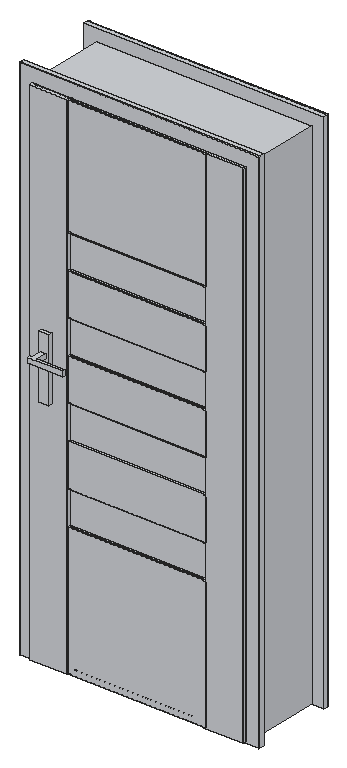
Revit family "porta_koncept_H0_osc_ps", category Drzwi, Revit 2016
Family settings
  Obiekt nadrzędny = Ściana
  Zawsze pionowo = Tak
  Tnij formami wycięć po wczytaniu = Nie
  Współdzielony = Nie
  Punkt obliczania pomieszczeń = Nie
Parameters (values of type "PN 80")
  Zakres szerokości muru [instance] = if(and(Grubość ściany > 94 mm, Grubość ściany < 120 mm), "B", (if(and(Grubość ściany > 119 mm, Grubość ściany < 140 mm), "C", (if(and(Grubość ściany > 139 mm, Grubość ściany < 160 mm), "D", (if(and(Grubość ściany > 159 mm, Grubość ściany < 180 mm), "E", (if(and(Grubość ściany > 179 mm, Grubość ściany < 200 mm), "F", (if(and(Grubość ściany > 199 mm, Grubość ściany < 220 mm), "G", (if(and(Grubość ściany > 219 mm, Grubość ściany < 240 mm), "H", (if(and(Grubość ściany > 239 mm, Grubość ściany < 260 mm), "I", (if(and(Grubość ściany > 259 mm, Grubość ściany < 280 mm), "J", (if(and(Grubość ściany > 279 mm, Grubość ściany < 301 mm), "K", "BRAK")))))))))))))))))))  # "K"
  Wysokość brutto = 2060 mm
  Szerokość brutto = 880 mm
  Model = "Koncept H0"
  Konstrukcja analityczna = "<Brak>"
  Grubość ściany [instance] = 300 mm
  Funkcja = Wewnętrzna
  URL = "www.porta.com.pl"
  Ss = 844 mm
  Sb = 846 mm
  Producent = "PORTA KMI POLAND"
  Keynote = ""
  Description = ""
  Wysokość = 2016 mm
  Zakończenie ściany = Wg obiektu nadrzędnego
  Szerokość = 800 mm
  Materiał_skrzydło [instance] = none
  Materiał_ościeżnica [instance] = none
  Materiał_klamka [instance] = none
  Informacja = "Własność Porta KMI Poland, wszelkie prawa zastrzeżone."  # constant formula
  Hs = 2030 mm
Types (6, lengths in mm): name | Szerokość brutto | Ss | Sb | Description | Szerokość
  PN 70 | 780 | 744 | 746 | "Biblioteki CAD produktów firmy PORTA KMI POLAND wraz z ich wizualizacjami są chronione prawami własności przemysłowej i intelektualnej. Można je wykorzystywać do handlowych celów osobistych poprzez zastosowanie w projektach, jednak nie wolno ich powielać, modyfikować, licencjonować ani publikować, w całości ani w części, chyba że celem przeglądania, bez uprzedniej pisemnej zgody PORTA KMI Poland. www.porta.com.pl" | 700
  PN 60 | 680 | 644 | 646 | "Biblioteki CAD produktów firmy PORTA KMI POLAND wraz z ich wizualizacjami są chronione prawami własności przemysłowej i intelektualnej. Można je wykorzystywać do handlowych celów osobistych poprzez zastosowanie w projektach, jednak nie wolno ich powielać, modyfikować, licencjonować ani publikować, w całości ani w części, chyba że celem przeglądania, bez uprzedniej pisemnej zgody PORTA KMI Poland. www.porta.com.pl" | 600
  PN 80 | 880 | 844 | 846 | "" | 800
  PN 90 | 980 | 944 | 946 | "Biblioteki CAD produktów firmy PORTA KMI POLAND wraz z ich wizualizacjami są chronione prawami własności przemysłowej i intelektualnej. Można je wykorzystywać do handlowych celów osobistych poprzez zastosowanie w projektach, jednak nie wolno ich powielać, modyfikować, licencjonować ani publikować, w całości ani w części, chyba że celem przeglądania, bez uprzedniej pisemnej zgody PORTA KMI Poland. www.porta.com.pl" | 900
  PN 100 | 1080 | 1044 | 1046 | "Biblioteki CAD produktów firmy PORTA KMI POLAND wraz z ich wizualizacjami są chronione prawami własności przemysłowej i intelektualnej. Można je wykorzystywać do handlowych celów osobistych poprzez zastosowanie w projektach, jednak nie wolno ich powielać, modyfikować, licencjonować ani publikować, w całości ani w części, chyba że celem przeglądania, bez uprzedniej pisemnej zgody PORTA KMI Poland. www.porta.com.pl" | 1000
  PN 110 | 1180 | 1144 | 1146 | "Biblioteki CAD produktów firmy PORTA KMI POLAND wraz z ich wizualizacjami są chronione prawami własności przemysłowej i intelektualnej. Można je wykorzystywać do handlowych celów osobistych poprzez zastosowanie w projektach, jednak nie wolno ich powielać, modyfikować, licencjonować ani publikować, w całości ani w części, chyba że celem przeglądania, bez uprzedniej pisemnej zgody PORTA KMI Poland. www.porta.com.pl" | 1100
Reference planes
  plane 1: y = 0
  plane 2 "Środek (Lewa/Prawa)": x = 0
  plane 3 "Lewy": x = -440
  plane 4 "Prawy": x = 440
  plane 5: z = 2060
  plane 6 "Zewnętrzna": y = 150
  plane 7 "Wewnętrzna": y = -150
  plane 8 "skrzydło": y = -144.5
Forms (mm)
  Sweep 1, solid, material <- "Materiał_ościeżnica"
    path in 3D
      loop
        line (-440, -150, 0) -> (-440, -150, 2060) -> (440, -150, 2060) -> (440, -150, 0)
    profile origin (-440, -150, 1030) x (0, -1, 0) y (1, 0, 0)
      loop
        line (-10, 39) -> (-72, 39) -> (-72, 17) -> (0, 17) -> (0, -33) -> (16, -33)
        arc (16, -33) -> (18.121, -32.121) -> (19, -30) r 3
        line (19, -30) -> (19, 24)
        arc (19, 24) -> (18.121, 26.121) -> (16, 27) r 3
        line (16, 27) -> (-10, 27) -> (-10, 39)
  Sweep 2, solid, material <- "Materiał_ościeżnica"
    path in 3D
      loop
        line (440, 150, 0) -> (440, 150, 2060) -> (-440, 150, 2060) -> (-440, 150, 0)
    profile origin (-440, 150, 1030) x (1, 0, 0) y (0, 1, 0)
      loop
        line (-33, 0) -> (17, 0) -> (17, -228) -> (39, -228) -> (39, -1)
        arc (39, -1) -> (37.536, 2.536) -> (34, 4) r 5
        line (34, 4) -> (25, 4) -> (25, 16)
        arc (25, 16) -> (24.121, 18.121) -> (22, 19) r 3
        line (22, 19) -> (-30, 19)
        arc (-30, 19) -> (-32.121, 18.121) -> (-33, 16) r 3
        line (-33, 16) -> (-33, 0)
  Sweep 3, solid, not visible
    path in 3D
      loop
        line (-440, -150, 0) -> (-440, -150, 2060)
    profile origin (-440, -150, 1030) x (0, -1, 0) y (1, 0, 0)
      loop
        line (-151, 17) -> (-149, 17) -> (-149, 19) -> (-151, 19) -> (-151, 17)
Cuts and joins
  joined: Sweep 1, Sweep 2
Lines and regions (mm)
  Opening 1
    outline origin (-3050, -150, 0) x (1, 0, 0) y (0, 0, 1)
      loop
        line (2610, 0) -> (3490, 0) -> (3490, 2060) -> (2610, 2060) -> (2610, 0)
  sketch lines
    curve 1: line (-440, -150, 0) -> (-440, -150, 2060)
    curve 2: line (-440, -150, 2060) -> (440, -150, 2060)
    curve 3: line (440, -150, 2060) -> (440, -150, 0)
    curve 4: line (-440, 150, 2060) -> (-440, 150, 0)
    curve 5: line (440, 150, 2060) -> (-440, 150, 2060)
    curve 6: line (440, 150, 0) -> (440, 150, 2060)
    curve 12: line (-440, -150, 0) -> (-440, -150, 2060)
  symbolic lines, style "DoorsPanelProjection"
    curve 7: line (422, -150, 0) -> (422, -994, 0)
    curve 8: line (422, -994, 0) -> (382, -994, 0)
    curve 9: line (382, -994, 0) -> (382, -150, 0)
    curve 10: line (382, -150, 0) -> (422, -150, 0)
  symbolic lines, style "Ugięcie rzutu"
    curve 11: arc (-422, -150, 0) -> (-174.798, -746.798, 0) -> (422, -994, 0) r 844
Text (mm)
  text "Zewnętrzna" at (-2295.016, 1099.543, 0), in view "Poziom odniesienia"
  text "Zewnętrzna" at (0, 1615.38, 3698.081), in view "Lewy"
  text "Zewnętrzna" at (0, 1036.032, 3874.932), in view "Prawy"
Dimensions and locks
  equal spacing: plane 3 "Lewy", plane 2 "Środek (Lewa/Prawa)", plane 4 "Prawy"
  "Szerokość brutto": plane 3 "Lewy" to plane 4 "Prawy"
  "Wysokość brutto": plane 5 to host wall
  host wall to plane 5 = 2060 mm  (x2)
  locked: plane 6 "Zewnętrzna" to host wall at 0
  locked: plane 7 "Wewnętrzna" to host wall
  "Sb": Sweep 1 to Sweep 1
  locked: Sweep 1 sketch curve to Sweep 1 sketch curve at 22
  Sweep 1 sketch curve to Sweep 1 sketch curve = 50 mm
  locked: Sweep 1 sketch curve to profile plane at 72
  locked: Sweep 2 sketch curve to Sweep 2 sketch curve at 50
  locked: Sweep 2 sketch curve to Sweep 2 sketch curve at 22
  locked: Sweep 2 sketch curve to plane 6 "Zewnętrzna" at 1
  locked: curve 9 to curve 7 at 40
  "Ss": curve 8 to curve 10
  equal spacing: curve 11, plane 2 "Środek (Lewa/Prawa)", curve 7
  locked: plane 7 "Wewnętrzna" to plane 8 "skrzydło" at 5.5
  locked: host wall to Sweep 3 sketch curve at 1
  locked: Sweep 3 sketch curve to host wall at 1
  locked: Sweep 3 sketch curve to plane 6 "Zewnętrzna" at 151
  locked: plane 7 "Wewnętrzna" to Sweep 3 sketch curve at 151
  equal spacing: nested 1, plane 2 "Środek (Lewa/Prawa)", nested 1
  locked: nested 1 to level at 8
  "Grubość ściany": host wall to host wall
  aligned and locked: plane 3 "Lewy" to Opening 1 sketch curve
  aligned and locked: plane 5 to Opening 1 sketch curve  (x2)
  aligned and locked: Opening 1 sketch curve to plane 4 "Prawy"
  aligned and locked: Opening 1 sketch curve to level
  aligned and locked: plane 1 to host wall
  aligned and locked: Sweep 1 to Sweep 2 sketch curve
  aligned and locked: plane 7 "Wewnętrzna" to curve 10
  aligned and locked: Sweep 3 sketch curve to cut or joined group of Sweep 1, Sweep 2
  aligned and locked: Sweep 2 sketch curve to cut or joined group of Sweep 1, Sweep 2
  aligned and locked: nested 1 to plane 8 "skrzydło"
Automatic sketch dimensions
  profile plane to Sweep 1 sketch curve = 10 mm
  Sweep 1 sketch curve to profile plane = 16 mm  (x2)
  Sweep 1 sketch curve to Sweep 1 sketch curve = 3 mm
  profile plane to Sweep 1 sketch curve = 17 mm
  Sweep 1 sketch curve to Sweep 1 sketch curve = 7 mm
  Sweep 1 sketch curve to profile plane = 0 mm
  Sweep 2 sketch curve to profile plane = 0 mm
  Sweep 2 sketch curve to profile plane = 16 mm
  Sweep 2 sketch curve to Sweep 2 sketch curve = 3 mm
  Sweep 2 sketch curve to Sweep 2 sketch curve = 5 mm
  Sweep 2 sketch curve to profile plane = 4 mm
  Sweep 2 sketch curve to Sweep 2 sketch curve = 8 mm
  curve 11 to host wall = 0 mm
  Sweep 3 sketch curve to Sweep 3 sketch curve = 2 mm
Nested families
  nested 1: "skrzydło" at (0, -151, 0), Materiał_klamka <- "Materiał_klamka", Materiał_skrzydło <- "Materiał_skrzydło", type "skrzydło"
    with Materiał_skrzydło none, Materiał_klamka none, Ss 844 mm
Definition of nested family "skrzydło"
  Parameters
    Ss = 800 mm
    Materiał_skrzydło [instance] = none
    Materiał_klamka [instance] = none
    Hs = 2030 mm
  Reference planes
    plane 1 "Tył": y = 6.5
    plane 2: z = 0
    plane 3 "Środek (Lewa/Prawa)": x = 0
    plane 4 "Lewa": x = -400
    plane 5 "Prawa": x = 400
    plane 6 "Przód": y = -33.5
    plane 7: z = 2038
    plane 8 "Centrum": y = -13.5
    plane 9: x = -387
    plane 10: z = 8
    plane 11: x = 387
    plane 12: x = -250
    plane 13: x = 250
    plane 14: z = 2025
  Forms (mm)
    Extrusion 1, solid, material <- "Materiał_skrzydło"
      sketch origin (-1191.728, -1524, 8) x (-1, 0, 0) y (0, -1, 0)
        loop
          line (-1443.378, -1490.5) -> (-1590.078, -1490.5)
          arc (-1590.078, -1490.5) -> (-1591.244, -1490.983) -> (-1591.728, -1492.15) r 1.65
          line (-1591.728, -1492.15) -> (-1591.728, -1501.85)
          arc (-1591.728, -1501.85) -> (-1591.244, -1503.017) -> (-1590.078, -1503.5) r 1.65
          line (-1590.078, -1503.5) -> (-1580.078, -1503.5)
          arc (-1580.078, -1503.5) -> (-1579.123, -1503.895) -> (-1578.728, -1504.85) r 1.35
          line (-1578.728, -1504.85) -> (-1578.728, -1528.85)
          arc (-1578.728, -1528.85) -> (-1578.244, -1530.017) -> (-1577.078, -1530.5) r 1.65
          line (-1577.078, -1530.5) -> (-1443.378, -1530.5)
          arc (-1443.378, -1530.5) -> (-1442.211, -1530.017) -> (-1441.728, -1528.85) r 1.65
          line (-1441.728, -1528.85) -> (-1441.728, -1492.15)
          arc (-1441.728, -1492.15) -> (-1442.211, -1490.983) -> (-1443.378, -1490.5) r 1.65
      from 0 to 2030
    Extrusion 2, void
      sketch origin (0, 0, 0) x (0, -1, 0) y (0, 0, 1)
        loop
          line (-6.5, 2025) -> (20.5, 2025) -> (20.5, 2038) -> (-6.5, 2038) -> (-6.5, 2025)
      from -400 to 400
    Extrusion 3, solid, material <- "Materiał_skrzydło"
      sketch origin (0, 0, 0) x (0, 1, 0) y (0, 0, 1)
        loop
          line (4, 1568.15) -> (4, 2023.35)
          arc (4, 2023.35) -> (3.517, 2024.517) -> (2.35, 2025) r 1.65
          line (2.35, 2025) -> (-19.15, 2025)
          arc (-19.15, 2025) -> (-20.105, 2025.395) -> (-20.5, 2026.35) r 1.35
          line (-20.5, 2026.35) -> (-20.5, 2036.35)
          arc (-20.5, 2036.35) -> (-20.983, 2037.517) -> (-22.15, 2038) r 1.65
          line (-22.15, 2038) -> (-29.35, 2038)
          arc (-29.35, 2038) -> (-30.517, 2037.517) -> (-31, 2036.35) r 1.65
          line (-31, 2036.35) -> (-31, 1568.15)
          arc (-31, 1568.15) -> (-30.517, 1566.983) -> (-29.35, 1566.5) r 1.65
          line (-29.35, 1566.5) -> (2.35, 1566.5)
          arc (2.35, 1566.5) -> (3.517, 1566.983) -> (4, 1568.15) r 1.65
        loop
          line (2.35, 529.5) -> (-29.35, 529.5)
          arc (-29.35, 529.5) -> (-30.517, 529.017) -> (-31, 527.85) r 1.65
          line (-31, 527.85) -> (-31, 9.65)
          arc (-31, 9.65) -> (-30.517, 8.483) -> (-29.35, 8) r 1.65
          line (-29.35, 8) -> (-25, 8)
          arc (-25, 8) -> (-23.833, 8.483) -> (-23.35, 9.65) r 1.65
          arc (-23.35, 9.65) -> (-22.955, 10.605) -> (-22, 11) r 1.35
          line (-22, 11) -> (-5, 11)
          arc (-5, 11) -> (-4.045, 10.605) -> (-3.65, 9.65) r 1.35
          arc (-3.65, 9.65) -> (-3.167, 8.483) -> (-2, 8) r 1.65
          line (-2, 8) -> (2.35, 8)
          arc (2.35, 8) -> (3.517, 8.483) -> (4, 9.65) r 1.65
          line (4, 9.65) -> (4, 527.85)
          arc (4, 527.85) -> (3.517, 529.017) -> (2.35, 529.5) r 1.65
        loop
          line (2.35, 831.25) -> (-29.35, 831.25)
          arc (-29.35, 831.25) -> (-30.517, 830.767) -> (-31, 829.6) r 1.65
          line (-31, 829.6) -> (-31, 662.9)
          arc (-31, 662.9) -> (-30.517, 661.733) -> (-29.35, 661.25) r 1.65
          line (-29.35, 661.25) -> (2.35, 661.25)
          arc (2.35, 661.25) -> (3.517, 661.733) -> (4, 662.9) r 1.65
          line (4, 662.9) -> (4, 829.6)
          arc (4, 829.6) -> (3.517, 830.767) -> (2.35, 831.25) r 1.65
        loop
          line (2.35, 1133) -> (-29.35, 1133)
          arc (-29.35, 1133) -> (-30.517, 1132.517) -> (-31, 1131.35) r 1.65
          line (-31, 1131.35) -> (-31, 964.65)
          arc (-31, 964.65) -> (-30.517, 963.483) -> (-29.35, 963) r 1.65
          line (-29.35, 963) -> (2.35, 963)
          arc (2.35, 963) -> (3.517, 963.483) -> (4, 964.65) r 1.65
          line (4, 964.65) -> (4, 1131.35)
          arc (4, 1131.35) -> (3.517, 1132.517) -> (2.35, 1133) r 1.65
        loop
          line (2.35, 1434.75) -> (-29.35, 1434.75)
          arc (-29.35, 1434.75) -> (-30.517, 1434.267) -> (-31, 1433.1) r 1.65
          line (-31, 1433.1) -> (-31, 1266.4)
          arc (-31, 1266.4) -> (-30.517, 1265.233) -> (-29.35, 1264.75) r 1.65
          line (-29.35, 1264.75) -> (2.35, 1264.75)
          arc (2.35, 1264.75) -> (3.517, 1265.233) -> (4, 1266.4) r 1.65
          line (4, 1266.4) -> (4, 1433.1)
          arc (4, 1433.1) -> (3.517, 1434.267) -> (2.35, 1434.75) r 1.65
      from -250 to 250
    Extrusion 4, solid, material <- "Materiał_skrzydło"
      sketch origin (-892.016, -13.5, 1200) x (-1, 0, 0) y (0, 0, 1)
        loop
          line (-642.016, 366.5) -> (-1142.016, 366.5) -> (-1142.016, 234.75) -> (-642.016, 234.75) -> (-642.016, 366.5)
      from -6 to 6
    Extrusion 5, solid, material <- "Materiał_skrzydło"
      sketch origin (-892.016, -13.5, 1200) x (-1, 0, 0) y (0, 0, 1)
        loop
          line (-642.016, -67) -> (-642.016, 64.75) -> (-1142.016, 64.75) -> (-1142.016, -67) -> (-642.016, -67)
      from -6 to 6
    Extrusion 6, solid, material <- "Materiał_skrzydło"
      sketch origin (-892.016, -13.5, 1200) x (-1, 0, 0) y (0, 0, 1)
        loop
          line (-642.016, -237) -> (-1142.016, -237) -> (-1142.016, -368.75) -> (-642.016, -368.75) -> (-642.016, -237)
      from -6 to 6
    Extrusion 7, solid, material <- "Materiał_skrzydło"
      sketch origin (-892.016, -13.5, 1200) x (-1, 0, 0) y (0, 0, 1)
        loop
          line (-642.016, -538.75) -> (-1142.016, -538.75) -> (-1142.016, -670.5) -> (-642.016, -670.5) -> (-642.016, -538.75)
      from -6 to 6
    Extrusion 8, solid, material <- "Materiał_skrzydło"
      sketch origin (-1191.728, -1524, 8) x (-1, 0, 0) y (0, -1, 0)
        loop
          arc (-940.078, -1490.5) -> (-941.244, -1490.983) -> (-941.728, -1492.15) r 1.65
          line (-941.728, -1492.15) -> (-941.728, -1528.85)
          arc (-941.728, -1528.85) -> (-941.244, -1530.017) -> (-940.078, -1530.5) r 1.65
          line (-940.078, -1530.5) -> (-806.378, -1530.5)
          arc (-806.378, -1530.5) -> (-805.211, -1530.017) -> (-804.728, -1528.85) r 1.65
          line (-804.728, -1528.85) -> (-804.728, -1504.85)
          arc (-804.728, -1504.85) -> (-804.332, -1503.895) -> (-803.378, -1503.5) r 1.35
          line (-803.378, -1503.5) -> (-793.378, -1503.5)
          arc (-793.378, -1503.5) -> (-792.211, -1503.017) -> (-791.728, -1501.85) r 1.65
          line (-791.728, -1501.85) -> (-791.728, -1492.15)
          arc (-791.728, -1492.15) -> (-792.211, -1490.983) -> (-793.378, -1490.5) r 1.65
          line (-793.378, -1490.5) -> (-940.078, -1490.5)
      from 0 to 2030
  Cuts and joins
    Extrusion 2 cuts Extrusion 1
    Extrusion 2 cuts Extrusion 8
  Dimensions and locks
    equal spacing: plane 4 "Lewa", plane 3 "Środek (Lewa/Prawa)", plane 5 "Prawa"
    "Ss": plane 4 "Lewa" to plane 5 "Prawa"
    locked: plane 4 "Lewa" to plane 9 at 13
    locked: plane 10 to level at 8
    "Hs": plane 7 to plane 10
    locked: plane 5 "Prawa" to plane 11 at 13
    locked: plane 9 to nested 1 at 35
    locked: nested 1 to plane 10 at 934
    locked: plane 10 to nested 2 at 934
    equal spacing: plane 6 "Przód", plane 8 "Centrum", plane 1 "Tył"
    locked: plane 7 to plane 14 at 13
    locked: plane 12 to plane 4 "Lewa" at 150
    locked: plane 5 "Prawa" to plane 13 at 150
    locked: plane 1 "Tył" to Extrusion 2 sketch curve at 27
    aligned and locked: nested 1 to plane 6 "Przód"
    aligned and locked: plane 5 "Prawa" to Extrusion 1 sketch curve
    aligned and locked: Extrusion 1 sketch curve to plane 11
    aligned and locked: Extrusion 1 sketch curve to plane 1 "Tył"
    aligned and locked: Extrusion 1 sketch curve to plane 6 "Przód"
    aligned and locked: Extrusion 1 sketch curve to plane 13
    aligned and locked: plane 7 to Extrusion 1
    aligned and locked: Extrusion 2 sketch curve to plane 14
    aligned and locked: Extrusion 2 sketch curve to plane 1 "Tył"
    aligned and locked: plane 7 to Extrusion 2 sketch curve
    aligned and locked: Extrusion 2 to plane 4 "Lewa"
    aligned and locked: plane 5 "Prawa" to Extrusion 2
    aligned and locked: Extrusion 3 to plane 12
    aligned and locked: plane 13 to Extrusion 3
    aligned and locked: plane 12 to Extrusion 4 sketch curve
    aligned and locked: plane 13 to Extrusion 4 sketch curve
    aligned and locked: Extrusion 3 to Extrusion 5 sketch curve  (x2)
    aligned and locked: plane 12 to Extrusion 6 sketch curve
    aligned and locked: plane 13 to Extrusion 6 sketch curve
    aligned and locked: plane 12 to Extrusion 7 sketch curve
    aligned and locked: plane 13 to Extrusion 7 sketch curve
    aligned and locked: plane 4 "Lewa" to Extrusion 8 sketch curve
    aligned and locked: Extrusion 8 sketch curve to plane 12
    aligned and locked: plane 7 to Extrusion 8
    aligned and locked: nested 2 to nested 1
  Automatic sketch dimensions
    Extrusion 1 sketch curve to Extrusion 1 sketch curve = 1.65 mm  (x4)
    Extrusion 1 sketch curve to Extrusion 1 sketch curve = 1.35 mm
    Extrusion 1 sketch curve to Extrusion 1 sketch curve = 10 mm
    plane 1 "Tył" to Extrusion 1 sketch curve = 25.65 mm
    Extrusion 3 sketch curve to plane 7 = 0 mm
    Extrusion 3 sketch curve to plane 10 = 0 mm  (x2)
    Extrusion 3 sketch curve to plane 14 = 0 mm
    plane 6 "Przód" to Extrusion 3 sketch curve = 2.5 mm  (x5)
    plane 10 to Extrusion 3 sketch curve = 1.65 mm  (x3)
    Extrusion 3 sketch curve to Extrusion 3 sketch curve = 1.65 mm  (x15)
    Extrusion 3 sketch curve to Extrusion 3 sketch curve = 4.35 mm
    Extrusion 3 sketch curve to Extrusion 3 sketch curve = 0 mm  (x2)
    Extrusion 3 sketch curve to Extrusion 3 sketch curve = 7.2 mm
    Extrusion 3 sketch curve to Extrusion 3 sketch curve = 1.35 mm  (x2)
    plane 8 "Centrum" to Extrusion 3 sketch curve = 8.5 mm
    plane 1 "Tył" to Extrusion 3 sketch curve = 4.15 mm  (x9)
    Extrusion 3 sketch curve to plane 14 = 1.65 mm
    Extrusion 3 sketch curve to Extrusion 3 sketch curve = 516.85 mm
    Extrusion 3 sketch curve to Extrusion 3 sketch curve = 131.75 mm  (x4)
    Extrusion 3 sketch curve to Extrusion 3 sketch curve = 166.7 mm  (x3)
    Extrusion 4 sketch curve to Extrusion 4 sketch curve = 131.75 mm
    Extrusion 4 sketch curve to plane 7 = 471.5 mm
    Extrusion 5 sketch curve to plane 7 = 773.25 mm
    Extrusion 5 sketch curve to Extrusion 5 sketch curve = 131.75 mm
    plane 10 to Extrusion 6 sketch curve = 823.25 mm
    Extrusion 6 sketch curve to Extrusion 6 sketch curve = 131.75 mm
    plane 10 to Extrusion 7 sketch curve = 521.5 mm
    Extrusion 7 sketch curve to Extrusion 7 sketch curve = 131.75 mm
    Extrusion 8 sketch curve to Extrusion 8 sketch curve = 1.65 mm  (x4)
    Extrusion 8 sketch curve to Extrusion 8 sketch curve = 1.35 mm
    Extrusion 8 sketch curve to Extrusion 8 sketch curve = 10 mm
    Extrusion 8 sketch curve to Extrusion 8 sketch curve = 0 mm
    plane 6 "Przód" to Extrusion 8 sketch curve = 40 mm
    Extrusion 8 sketch curve to Extrusion 8 sketch curve = 24 mm
    Extrusion 8 sketch curve to Extrusion 8 sketch curve = 9.7 mm
  Nested families
    nested 1: "KLAMKA" at (-332, -33.5, 1067), Materiał klamki <- "Materiał_klamka", type "KLAMKA"
      with Materiał klamki none
    nested 2: "KLAMKA" at (-332, 6.5, 1067), Materiał klamki <- "Materiał_klamka", type "KLAMKA"
      with Materiał klamki none
  Definition of nested family "KLAMKA"
    Parameters
      Materiał klamki [instance] = none
      Assembly Code = ""
      Default Elevation = 1219.2 mm
    Reference planes
      plane 1 "Center (Front/Back)": y = 0
      plane 2: z = 0
      plane 3 "Center (Left/Right)": x = 0
      plane 4: z = 125
      plane 5: z = -125
      plane 6: x = 20
      plane 7: x = -20
      plane 8: y = -70
      plane 9: y = -60
      plane 10: x = 10
      plane 11: x = -10
      plane 12: x = 120
      plane 13: z = 35
      plane 14: z = 55
      plane 15: y = -15
    Forms (mm)
      Extrusion 1, solid, material <- "Materiał klamki"
        sketch origin (0, 0, 0) x (1, 0, 0) y (0, 0, 1)
          loop
            line (-20, 125) -> (-20, -125) -> (20, -125) -> (20, 125) -> (-20, 125)
        from 0 to 15
      Extrusion 2, solid, material <- "Materiał klamki"
        sketch origin (0, 0, 0) x (1, 0, 0) y (0, 1, 0)
          loop
            line (-10, -15) -> (-10, -60) -> (-20, -60) -> (-20, -70) -> (120, -70) -> (120, -60) -> (10, -60) -> (10, -15) -> (-10, -15)
        from 35 to 55
    Dimensions and locks
      equal spacing: plane 4, plane 2, plane 5
      plane 4 to plane 5 = 250 mm
      equal spacing: plane 7, plane 3 "Center (Left/Right)", plane 6
      plane 7 to plane 6 = 40 mm
      plane 8 to plane 1 "Center (Front/Back)" = 70 mm
      plane 11 to plane 3 "Center (Left/Right)" to plane 10 = 10 mm locked, 10 mm locked
      plane 7 to plane 12 = 140 mm
      plane 15 to plane 1 "Center (Front/Back)" = 15 mm
      aligned and locked: plane 7 to Extrusion 1 sketch curve
      aligned and locked: Extrusion 1 sketch curve to plane 4
      aligned and locked: plane 5 to Extrusion 1 sketch curve
      aligned and locked: Extrusion 1 sketch curve to plane 6
      aligned and locked: plane 15 to Extrusion 1
      aligned and locked: Extrusion 1 to plane 1 "Center (Front/Back)"
      aligned and locked: plane 14 to Extrusion 2
      aligned and locked: Extrusion 2 to plane 13
    Automatic sketch dimensions
      Extrusion 2 sketch curve to plane 7 = 0 mm
      Extrusion 2 sketch curve to plane 9 = 0 mm  (x2)
      Extrusion 2 sketch curve to plane 11 = 0 mm
      Extrusion 2 sketch curve to plane 10 = 0 mm
      Extrusion 2 sketch curve to plane 12 = 0 mm
      Extrusion 2 sketch curve to plane 8 = 0 mm
      Extrusion 2 sketch curve to plane 15 = 0 mm
